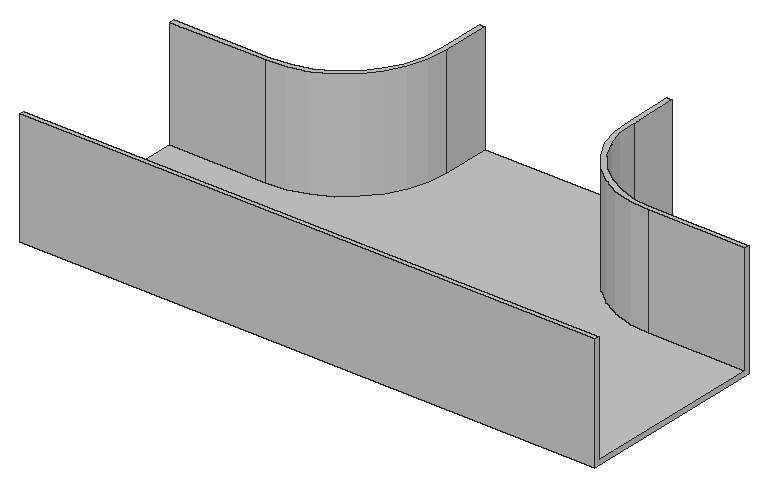
Revit family "S4R_OBO BETTERMANN_CableTray_Tee_RT FS", category Cable Tray Fittings, Revit 2012
Parameters
  Wholesaler art.no. = ""
  Wholesaler = ""
  Watermarked By = "www.stabiplan.com"
  WIDTH3 [instance] = 100 mm
  WIDTH1 [instance] = 100 mm
  VERSION = "91900"  # constant formula
  URL = "www.stabiplan.com"
  built-in parameter 1140111 [instance] = 2.6 mm
  TYPE [instance] = "RT FS"  # constant formula
  StabiCAD_PM = ""
  Smallest_L1_L2 [instance] = if(LENGTH1 - WIDTH3 / 2 > LENGTH2 - WIDTH3 / 2, LENGTH2 - WIDTH3 / 2, LENGTH1 - WIDTH3 / 2)  # 100 mm
  SmallestLength [instance] = if(LENGTH3 - WIDTH1 / 2 > Smallest_L1_L2, Smallest_L1_L2, LENGTH3 - WIDTH1 / 2)  # 75 mm
  RadiusWithThickness [instance] = Radius + [built-in parameter 1140111]  # 52.6 mm
  Radius [instance] = 50 mm  # constant formula
  PRODUCTLINE [instance] = "OBO BETTERMANN"  # constant formula
  Manufacturer = "OBO BETTERMANN CableTrays"  # constant formula
  LENGTH3 [instance] = if(and(WIDTH1 = 100 mm, HEIGHT1 = 60 mm, WIDTH3 = 100 mm, ANGLE2 = 90.00°), 125 mm, if(and(WIDTH1 = 150 mm, HEIGHT1 = 60 mm, WIDTH3 = 150 mm, ANGLE2 = 90.00°), 150 mm, if(and(WIDTH1 = 200 mm, HEIGHT1 = 60 mm, WIDTH3 = 200 mm, ANGLE2 = 90.00°), 175 mm, if(and(WIDTH1 = 300 mm, HEIGHT1 = 60 mm, WIDTH3 = 300 mm, ANGLE2 = 90.00°), 225 mm, if(and(WIDTH1 = 400 mm, HEIGHT1 = 60 mm, WIDTH3 = 400 mm, ANGLE2 = 90.00°), 455 mm, if(and(WIDTH1 = 500 mm, HEIGHT1 = 60 mm, WIDTH3 = 500 mm, ANGLE2 = 90.00°), 505 mm, if(and(WIDTH1 = 600 mm, HEIGHT1 = 60 mm, WIDTH3 = 600 mm, ANGLE2 = 90.00°), 555 mm, if(and(WIDTH1 = 100 mm, HEIGHT1 = 110 mm, WIDTH3 = 100 mm, ANGLE2 = 90.00°), 125 mm, if(and(WIDTH1 = 200 mm, HEIGHT1 = 110 mm, WIDTH3 = 200 mm, ANGLE2 = 90.00°), 175 mm, if(and(WIDTH1 = 300 mm, HEIGHT1 = 110 mm, WIDTH3 = 300 mm, ANGLE2 = 90.00°), 225 mm, if(and(WIDTH1 = 400 mm, HEIGHT1 = 110 mm, WIDTH3 = 400 mm, ANGLE2 = 90.00°), 455 mm, if(and(WIDTH1 = 500 mm, HEIGHT1 = 110 mm, WIDTH3 = 500 mm, ANGLE2 = 90.00°), 505 mm, if(and(WIDTH1 = 550 mm, HEIGHT1 = 110 mm, WIDTH3 = 550 mm, ANGLE2 = 90.00°), 530 mm, WIDTH3 * 1.5)))))))))))))  # 125 mm
  LENGTH2 [instance] = if(and(WIDTH1 = 100 mm, HEIGHT1 = 60 mm, WIDTH3 = 100 mm, ANGLE2 = 90.00°), 150 mm, if(and(WIDTH1 = 150 mm, HEIGHT1 = 60 mm, WIDTH3 = 150 mm, ANGLE2 = 90.00°), 175 mm, if(and(WIDTH1 = 200 mm, HEIGHT1 = 60 mm, WIDTH3 = 200 mm, ANGLE2 = 90.00°), 200 mm, if(and(WIDTH1 = 300 mm, HEIGHT1 = 60 mm, WIDTH3 = 300 mm, ANGLE2 = 90.00°), 250 mm, if(and(WIDTH1 = 400 mm, HEIGHT1 = 60 mm, WIDTH3 = 400 mm, ANGLE2 = 90.00°), 455 mm, if(and(WIDTH1 = 500 mm, HEIGHT1 = 60 mm, WIDTH3 = 500 mm, ANGLE2 = 90.00°), 505 mm, if(and(WIDTH1 = 600 mm, HEIGHT1 = 60 mm, WIDTH3 = 600 mm, ANGLE2 = 90.00°), 555 mm, if(and(WIDTH1 = 100 mm, HEIGHT1 = 110 mm, WIDTH3 = 100 mm, ANGLE2 = 90.00°), 150 mm, if(and(WIDTH1 = 200 mm, HEIGHT1 = 110 mm, WIDTH3 = 200 mm, ANGLE2 = 90.00°), 200 mm, if(and(WIDTH1 = 300 mm, HEIGHT1 = 110 mm, WIDTH3 = 300 mm, ANGLE2 = 90.00°), 250 mm, if(and(WIDTH1 = 400 mm, HEIGHT1 = 110 mm, WIDTH3 = 400 mm, ANGLE2 = 90.00°), 455 mm, if(and(WIDTH1 = 500 mm, HEIGHT1 = 110 mm, WIDTH3 = 500 mm, ANGLE2 = 90.00°), 505 mm, if(and(WIDTH1 = 550 mm, HEIGHT1 = 110 mm, WIDTH3 = 550 mm, ANGLE2 = 90.00°), 530 mm, WIDTH1 * 1.5)))))))))))))  # 150 mm
  LENGTH1 [instance] = if(and(WIDTH1 = 100 mm, HEIGHT1 = 60 mm, WIDTH3 = 100 mm, ANGLE2 = 90.00°), 150 mm, if(and(WIDTH1 = 150 mm, HEIGHT1 = 60 mm, WIDTH3 = 150 mm, ANGLE2 = 90.00°), 175 mm, if(and(WIDTH1 = 200 mm, HEIGHT1 = 60 mm, WIDTH3 = 200 mm, ANGLE2 = 90.00°), 200 mm, if(and(WIDTH1 = 300 mm, HEIGHT1 = 60 mm, WIDTH3 = 300 mm, ANGLE2 = 90.00°), 250 mm, if(and(WIDTH1 = 400 mm, HEIGHT1 = 60 mm, WIDTH3 = 400 mm, ANGLE2 = 90.00°), 455 mm, if(and(WIDTH1 = 500 mm, HEIGHT1 = 60 mm, WIDTH3 = 500 mm, ANGLE2 = 90.00°), 505 mm, if(and(WIDTH1 = 600 mm, HEIGHT1 = 60 mm, WIDTH3 = 600 mm, ANGLE2 = 90.00°), 555 mm, if(and(WIDTH1 = 100 mm, HEIGHT1 = 110 mm, WIDTH3 = 100 mm, ANGLE2 = 90.00°), 150 mm, if(and(WIDTH1 = 200 mm, HEIGHT1 = 110 mm, WIDTH3 = 200 mm, ANGLE2 = 90.00°), 200 mm, if(and(WIDTH1 = 300 mm, HEIGHT1 = 110 mm, WIDTH3 = 300 mm, ANGLE2 = 90.00°), 250 mm, if(and(WIDTH1 = 400 mm, HEIGHT1 = 110 mm, WIDTH3 = 400 mm, ANGLE2 = 90.00°), 455 mm, if(and(WIDTH1 = 500 mm, HEIGHT1 = 110 mm, WIDTH3 = 500 mm, ANGLE2 = 90.00°), 505 mm, if(and(WIDTH1 = 550 mm, HEIGHT1 = 110 mm, WIDTH3 = 550 mm, ANGLE2 = 90.00°), 530 mm, WIDTH1 * 1.5)))))))))))))  # 150 mm
  Internal art.no. = ""
  ISCUSTOM [instance] = if(and(WIDTH1 = 100 mm, HEIGHT1 = 60 mm, WIDTH3 = 100 mm, ANGLE2 = 90.00°), 1 = 0, if(and(WIDTH1 = 150 mm, HEIGHT1 = 60 mm, WIDTH3 = 150 mm, ANGLE2 = 90.00°), 1 = 0, if(and(WIDTH1 = 200 mm, HEIGHT1 = 60 mm, WIDTH3 = 200 mm, ANGLE2 = 90.00°), 1 = 0, if(and(WIDTH1 = 300 mm, HEIGHT1 = 60 mm, WIDTH3 = 300 mm, ANGLE2 = 90.00°), 1 = 0, if(and(WIDTH1 = 400 mm, HEIGHT1 = 60 mm, WIDTH3 = 400 mm, ANGLE2 = 90.00°), 1 = 0, if(and(WIDTH1 = 500 mm, HEIGHT1 = 60 mm, WIDTH3 = 500 mm, ANGLE2 = 90.00°), 1 = 0, if(and(WIDTH1 = 600 mm, HEIGHT1 = 60 mm, WIDTH3 = 600 mm, ANGLE2 = 90.00°), 1 = 0, if(and(WIDTH1 = 100 mm, HEIGHT1 = 110 mm, WIDTH3 = 100 mm, ANGLE2 = 90.00°), 1 = 0, if(and(WIDTH1 = 200 mm, HEIGHT1 = 110 mm, WIDTH3 = 200 mm, ANGLE2 = 90.00°), 1 = 0, if(and(WIDTH1 = 300 mm, HEIGHT1 = 110 mm, WIDTH3 = 300 mm, ANGLE2 = 90.00°), 1 = 0, if(and(WIDTH1 = 400 mm, HEIGHT1 = 110 mm, WIDTH3 = 400 mm, ANGLE2 = 90.00°), 1 = 0, if(and(WIDTH1 = 500 mm, HEIGHT1 = 110 mm, WIDTH3 = 500 mm, ANGLE2 = 90.00°), 1 = 0, if(and(WIDTH1 = 550 mm, HEIGHT1 = 110 mm, WIDTH3 = 550 mm, ANGLE2 = 90.00°), 1 = 0, 1 = 1)))))))))))))  # no
  IFCExportType = ""
  IFCExportAs = ""
  HEIGHT1 [instance] = 60 mm
  GTINNUMBER [instance] = if(and(WIDTH1 = 100 mm, HEIGHT1 = 60 mm, WIDTH3 = 100 mm, ANGLE2 = 90.00°), "4012196051076", if(and(WIDTH1 = 150 mm, HEIGHT1 = 60 mm, WIDTH3 = 150 mm, ANGLE2 = 90.00°), "4012196051014", if(and(WIDTH1 = 200 mm, HEIGHT1 = 60 mm, WIDTH3 = 200 mm, ANGLE2 = 90.00°), "4012196051137", if(and(WIDTH1 = 300 mm, HEIGHT1 = 60 mm, WIDTH3 = 300 mm, ANGLE2 = 90.00°), "4012196051199", if(and(WIDTH1 = 400 mm, HEIGHT1 = 60 mm, WIDTH3 = 400 mm, ANGLE2 = 90.00°), "4012196214150", if(and(WIDTH1 = 500 mm, HEIGHT1 = 60 mm, WIDTH3 = 500 mm, ANGLE2 = 90.00°), "4012196214211", if(and(WIDTH1 = 600 mm, HEIGHT1 = 60 mm, WIDTH3 = 600 mm, ANGLE2 = 90.00°), "4012196214273", if(and(WIDTH1 = 100 mm, HEIGHT1 = 110 mm, WIDTH3 = 100 mm, ANGLE2 = 90.00°), "4012196820153", if(and(WIDTH1 = 200 mm, HEIGHT1 = 110 mm, WIDTH3 = 200 mm, ANGLE2 = 90.00°), "4012196820214", if(and(WIDTH1 = 300 mm, HEIGHT1 = 110 mm, WIDTH3 = 300 mm, ANGLE2 = 90.00°), "4012196820276", if(and(WIDTH1 = 400 mm, HEIGHT1 = 110 mm, WIDTH3 = 400 mm, ANGLE2 = 90.00°), "4012196214877", if(and(WIDTH1 = 500 mm, HEIGHT1 = 110 mm, WIDTH3 = 500 mm, ANGLE2 = 90.00°), "4012196214938", if(and(WIDTH1 = 550 mm, HEIGHT1 = 110 mm, WIDTH3 = 550 mm, ANGLE2 = 90.00°), "4012196214990", "Unknown")))))))))))))  # "4012196051076"
  ETIM article class = ""
  Description = "Horizontal CableTray Tee"
  DEEPLINK = "http://catalog2.obo-bettermann.com/catalogue/catalogue.do?forward=showProductGroup&act=showIO&favOid=kts_6408&action=showManyProducts&lang=en&OID=kts_6408&catId="
  Copyright = "© Stabiplan BV / Stabiplan International BV"  # constant formula
  CT3 [instance] = 1
  CT2 [instance] = 1
  CT1 [instance] = 1
  BodyColor = Steel
  Assembly Code = ""
  ARTICLENUMBER [instance] = if(and(WIDTH1 = 100 mm, HEIGHT1 = 60 mm, WIDTH3 = 100 mm, ANGLE2 = 90.00°), "6043410", if(and(WIDTH1 = 150 mm, HEIGHT1 = 60 mm, WIDTH3 = 150 mm, ANGLE2 = 90.00°), "6043402", if(and(WIDTH1 = 200 mm, HEIGHT1 = 60 mm, WIDTH3 = 200 mm, ANGLE2 = 90.00°), "6043429", if(and(WIDTH1 = 300 mm, HEIGHT1 = 60 mm, WIDTH3 = 300 mm, ANGLE2 = 90.00°), "6043437", if(and(WIDTH1 = 400 mm, HEIGHT1 = 60 mm, WIDTH3 = 400 mm, ANGLE2 = 90.00°), "7003390", if(and(WIDTH1 = 500 mm, HEIGHT1 = 60 mm, WIDTH3 = 500 mm, ANGLE2 = 90.00°), "7003412", if(and(WIDTH1 = 600 mm, HEIGHT1 = 60 mm, WIDTH3 = 600 mm, ANGLE2 = 90.00°), "7003439", if(and(WIDTH1 = 100 mm, HEIGHT1 = 110 mm, WIDTH3 = 100 mm, ANGLE2 = 90.00°), "7003633", if(and(WIDTH1 = 200 mm, HEIGHT1 = 110 mm, WIDTH3 = 200 mm, ANGLE2 = 90.00°), "7003668", if(and(WIDTH1 = 300 mm, HEIGHT1 = 110 mm, WIDTH3 = 300 mm, ANGLE2 = 90.00°), "7003684", if(and(WIDTH1 = 400 mm, HEIGHT1 = 110 mm, WIDTH3 = 400 mm, ANGLE2 = 90.00°), "7003692", if(and(WIDTH1 = 500 mm, HEIGHT1 = 110 mm, WIDTH3 = 500 mm, ANGLE2 = 90.00°), "7003714", if(and(WIDTH1 = 550 mm, HEIGHT1 = 110 mm, WIDTH3 = 550 mm, ANGLE2 = 90.00°), "7003722", "Unknown")))))))))))))  # "6043410"
  ARTICLEDESCRIPTION [instance] = "Horizontal CableTray Tee"
  ANGLE2 [instance] = 90.00°  # constant formula
Reference planes
  plane 1 "Center (Front/Back)": y = 0
  plane 2: z = 0
  plane 3 "Center (Left/Right)": x = 0
  plane 4: y = 50
  plane 5: y = -50
  plane 6: z = 30
  plane 7: z = -30
  plane 8: x = -50
  plane 9: x = 50
  plane 10: x = -100
  plane 11: x = 100
  plane 12: y = -47.4
  plane 13: y = 47.4
  plane 14: x = -47.4
  plane 15: x = 47.4
  plane 16: x = -150
  plane 17: x = 150
  plane 18: z = -27.4
  plane 19: y = 100
  plane 20: y = 125
Forms (mm)
  Extrusion 1, solid, material "Steel" <- "BodyColor", detail levels fine
    sketch origin (0, 0, 0) x (1, 0, 0) y (0, 1, 0)
      loop
        line (-150, -47.4) -> (-150, -50) -> (150, -50) -> (150, -47.4) -> (-150, -47.4)
      loop
        line (-150, 47.4) -> (-100, 47.4)
        arc (-100, 47.4) -> (-62.806, 62.806) -> (-47.4, 100) r 52.6
        line (-47.4, 100) -> (-47.4, 125) -> (-50, 125) -> (-50, 100)
        arc (-50, 100) -> (-64.645, 64.645) -> (-100, 50) r 50
        line (-100, 50) -> (-150, 50) -> (-150, 47.4)
      loop
        line (150, 50) -> (100, 50)
        arc (100, 50) -> (64.645, 64.645) -> (50, 100) r 50
        line (50, 100) -> (50, 125) -> (47.4, 125) -> (47.4, 100)
        arc (47.4, 100) -> (62.806, 62.806) -> (100, 47.4) r 52.6
        line (100, 47.4) -> (150, 47.4) -> (150, 50)
    from -30 to 30
  Extrusion 2, solid, material "Steel" <- "BodyColor", detail levels fine
    sketch origin (0, 0, 0) x (1, 0, 0) y (0, 1, 0)
      loop
        line (-150, 50) -> (-150, -50) -> (150, -50) -> (150, 50) -> (100, 50)
        arc (100, 50) -> (64.645, 64.645) -> (50, 100) r 50
        line (50, 100) -> (50, 125) -> (-50, 125) -> (-50, 100)
        arc (-50, 100) -> (-64.645, 64.645) -> (-100, 50) r 50
        line (-100, 50) -> (-150, 50)
    from -30 to -27.4
  Extrusion 3, solid, material "Steel" <- "BodyColor", detail levels medium
    sketch origin (0, 0, 0) x (1, 0, 0) y (0, 1, 0)
      loop
        line (-150, 50) -> (-150, -50) -> (150, -50) -> (150, 50) -> (100, 50)
        arc (100, 50) -> (64.645, 64.645) -> (50, 100) r 50
        line (50, 100) -> (50, 125) -> (-50, 125) -> (-50, 100)
        arc (-50, 100) -> (-64.645, 64.645) -> (-100, 50) r 50
        line (-100, 50) -> (-150, 50)
    from -30 to 30
Cuts and joins
  joined: Extrusion 1, Extrusion 2
Lines and regions (mm)
  model lines, style "Coarse", detail levels coarse
    curve 1: line (-150, 0, 0) -> (150, 0, 0)
    curve 2: line (0, 0, 0) -> (0, 125, 0)
Dimensions and locks
  equal spacing: plane 4, plane 1 "Center (Front/Back)", plane 5
  "WIDTH1": plane 4 to plane 5
  equal spacing: plane 6, plane 2, plane 7
  "HEIGHT1": plane 6 to plane 7
  equal spacing: plane 8, plane 3 "Center (Left/Right)", plane 9
  "WIDTH3": plane 8 to plane 9
  "Radius": plane 9 to plane 11
  "built-in parameter 1140111": plane 12 to plane 5
  "built-in parameter 1140111": plane 4 to plane 13
  "built-in parameter 1140111": plane 8 to plane 14
  "built-in parameter 1140111": plane 15 to plane 9
  "built-in parameter 1140111": plane 18 to plane 7
  "LENGTH1": plane 16 to plane 3 "Center (Left/Right)"
  "LENGTH2": plane 3 "Center (Left/Right)" to plane 17
  "LENGTH3": plane 1 "Center (Front/Back)" to plane 20
  "Radius": plane 10 to plane 8
  "Radius": plane 19 to plane 4
  "Radius": radius of Extrusion 3 sketch curve  (x2)
  "Radius": radius of Extrusion 2 sketch curve  (x2)
  "Radius": radius of Extrusion 1 sketch curve  (x2)
  "RadiusWithThickness": radius of Extrusion 1 sketch curve  (x2)
  aligned and locked: Extrusion 1 sketch curve to plane 16
  aligned and locked: Extrusion 1 to plane 7
  aligned and locked: plane 6 to Extrusion 1
  aligned and locked: plane 5 to Extrusion 1 sketch curve
  aligned and locked: plane 12 to Extrusion 1 sketch curve
  aligned and locked: Extrusion 1 sketch curve to plane 17  (x2)
  aligned and locked: plane 16 to Extrusion 1 sketch curve
  aligned and locked: Extrusion 2 sketch curve to plane 16
  aligned and locked: plane 4 to Extrusion 2 sketch curve
  aligned and locked: plane 5 to Extrusion 2 sketch curve
  aligned and locked: plane 17 to Extrusion 2 sketch curve
  aligned and locked: Extrusion 2 to plane 7
  aligned and locked: plane 18 to Extrusion 2
  aligned and locked: plane 4 to Extrusion 3 sketch curve  (x2)
  aligned and locked: Extrusion 3 sketch curve to plane 16
  aligned and locked: plane 5 to Extrusion 3 sketch curve
  aligned and locked: Extrusion 3 sketch curve to plane 17
  aligned and locked: Extrusion 3 to plane 7
  aligned and locked: plane 6 to Extrusion 3
  aligned and locked: plane 17 to curve 1
  aligned and locked: plane 1 "Center (Front/Back)" to curve 1
  aligned and locked: plane 1 "Center (Front/Back)" to curve 2
  aligned and locked: curve 2 to plane 3 "Center (Left/Right)"
  aligned and locked: Extrusion 3 to curve 2
Automatic sketch dimensions
  curve 1 to plane 16 = 0 mm
  Extrusion 1 sketch curve to Extrusion 1 sketch curve = 0 mm  (x4)
  Extrusion 1 sketch curve to plane 10 = 0 mm
  Extrusion 1 sketch curve to plane 15 = 0 mm
  Extrusion 1 sketch curve to plane 13 = 0 mm  (x2)
  Extrusion 1 sketch curve to plane 20 = 0 mm  (x2)
  Extrusion 2 sketch curve to plane 4 = 0 mm
  Extrusion 2 sketch curve to plane 10 = 0 mm
  Extrusion 2 sketch curve to plane 9 = 0 mm
  Extrusion 2 sketch curve to plane 20 = 0 mm
  Extrusion 3 sketch curve to plane 10 = 0 mm
  Extrusion 3 sketch curve to plane 9 = 0 mm
  Extrusion 3 sketch curve to plane 20 = 0 mm
Connectors
  cabletrayconduit at (-150, 0, 0), driven by "HEIGHT1", driven by "WIDTH1"
    settings: on Extrusion 3, index 1, connector width 100 mm, connector height 60 mm, connector radius 304.8 mm, connector angle 0.00°, system type 32, placement type 0, profile type 1, connector reference index 2, is primary connector yes, connector utility param no, connector description ""
  cabletrayconduit at (150, 0, 0), driven by "HEIGHT1", driven by "WIDTH1"
    settings: on Extrusion 3, index 2, connector width 100 mm, connector height 60 mm, connector radius 304.8 mm, connector angle 0.00°, system type 32, placement type 0, profile type 1, connector reference index 1, is primary connector no, connector utility param no, connector description ""
  cabletrayconduit at (0, 125, 0), driven by "HEIGHT1", driven by "WIDTH3"
    settings: on Extrusion 3, index 3, connector width 100 mm, connector height 60 mm, connector radius 300 mm, connector angle 0.00°, system type 32, placement type 0, profile type 1, connector reference index -1, is primary connector no, connector utility param no, connector description ""
